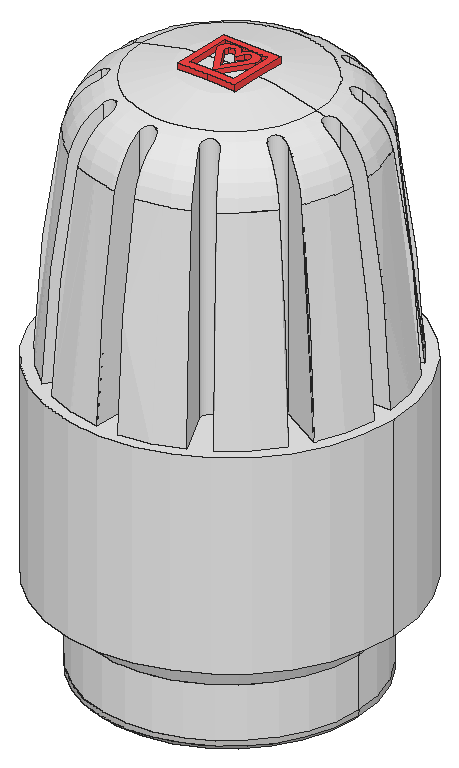
Revit family "Термостатическая головка ГЕРЦКУЛЕС в сверхпрочном исполнении,  с присоединительной резьбой М 28х1.5, 9860", category Rohrzubehör, Revit 2019
Family settings
  Bemaßung runder Anschluss = Durchmesser verwenden
  Teiletyp = Normal
  OmniClass-Nummer = 23.65.55.14
  OmniClass-Titel = Valves for Liquid Services
  Arbeitsebenenbasiert = Nein
  Immer vertikal = Nein
  Beim Laden mit Abzugskörper schneiden = Nein
  Gemeinsam genutzt = Nein
Parameters
  Принцип действия = "HERZ-термостатическая головка является датчиком прямого регулирования.\r\nИзменение объема жидкости в HERZ-гидросенсоре приводит в движение шток клапана."
  Область применения = "\"ГЕРЦКУЛЕС\" термостатическая головка предназначена для монтажа на всех HERZ-клапанах, предназначенных для термостатической работы."
  Номер заказа = 1986010  # constant formula
  Маховик = "Пластик, белый"  # constant formula
  Исполнение = "Термостатическая головка \"ГЕРЦКУЛЕС\" в сверхпрочном исполнении с защитой от вандализма, кражи и неумелого обращения. Монтаж, демонтаж и настройка необходимых значений возможны только с помощью специальных ключей. Положение настройки блокируется, заблокированная позиция настройки в рабочем состоянии скрыта от доступа.  С позицией морозозащиты."
  Диапазон регулирования = "8 - 26°C"  # constant formula
  URL = "www.herz-armaturen.ru"
  S02 = 60.000 mm  # constant formula
  S01 = 81.000 mm  # constant formula
  Hersteller = "HERZ Armaturen Ges.m.b.H."  # constant formula
Reference planes
  plane 1 "Mitte (Vorne/hinten)": y = 0
  plane 2: z = 0
  plane 3 "Mitte (Links/rechts)": x = 0
Forms (mm)
  Revolve 1, solid, material "Kunststoff weiß", detail levels fine
    sketch origin (0, 0, 0) x (1, 0, 0) y (0, 0, 1)
      loop
        line (-20.5, -3.5) -> (-14, -3.5) -> (-14, 0) -> (0, 0) -> (0, 81)
        arc (0, 81) -> (-6.982, 80.51) -> (-13.827, 79.05) r 50
        arc (-13.827, 79.05) -> (-18.34, 76.173) -> (-20.722, 71.381) r 10
        arc (-20.722, 71.381) -> (-23.123, 55.561) -> (-24.254, 39.6) r 200.5
        line (-24.254, 39.6) -> (-26, 39.6) -> (-26, 9) -> (-23.156, 9) -> (-20.5, 4.4) -> (-20.5, -3.5)
      axis (0, 81) -> (0, -3.5)
    angle from 0 to 360
  Revolve 2, solid, material "Messing verzinkt", detail levels fine
    sketch origin (0, 0, -5) x (1, 0, 0) y (0, 0, 1)
      loop
        line (-14, 0) -> (-14, 1.5) -> (-20.5, 1.5) -> (-20.5, 0.7) -> (-19.8, 0) -> (-14, 0)
      axis (0, 1.5) -> (0, 0)
    angle from 0 to 360
  Extrusion 3, void
    sketch origin (0, 0, 0) x (1, 0, 0) y (0, 1, 0)
      loop
        line (1.7, -24.289) -> (1.331, -16.288)
        arc (1.331, -16.288) -> (-0.021, -15) -> (-1.366, -16.294) r 1.35
        line (-1.366, -16.294) -> (-1.7, -24.292)
        arc (-1.7, -24.292) -> (0, -24.35) -> (1.7, -24.289) r 24.35
      loop
        arc (-13.65, -20.176) -> (-12.208, -21.079) -> (-10.707, -21.879) r 24.35
        line (-10.707, -21.879) -> (-6.996, -14.785)
        arc (-6.996, -14.785) -> (-7.515, -12.992) -> (-9.329, -13.431) r 1.35
        line (-9.329, -13.431) -> (-13.65, -20.176)
      loop
        line (-20.194, -13.632) -> (-13.449, -9.312)
        arc (-13.449, -9.312) -> (-13.009, -7.497) -> (-14.803, -6.979) r 1.35
        line (-14.803, -6.979) -> (-21.896, -10.689)
        arc (-21.896, -10.689) -> (-21.097, -12.19) -> (-20.194, -13.632) r 24.35
      loop
        arc (-24.307, 1.718) -> (-24.368, 0.018) -> (-24.309, -1.682) r 24.35
        line (-24.309, -1.682) -> (-16.311, -1.349)
        arc (-16.311, -1.349) -> (-15.018, -0.003) -> (-16.305, 1.349) r 1.35
        line (-16.305, 1.349) -> (-24.307, 1.718)
      loop
        arc (1.7, 24.289) -> (0, 24.35) -> (-1.7, 24.292) r 24.35
        line (-1.7, 24.292) -> (-1.366, 16.294)
        arc (-1.366, 16.294) -> (-0.021, 15) -> (1.331, 16.288) r 1.35
        line (1.331, 16.288) -> (1.7, 24.289)
      loop
        line (-13.65, 20.176) -> (-9.329, 13.431)
        arc (-9.329, 13.431) -> (-7.515, 12.992) -> (-6.996, 14.785) r 1.35
        line (-6.996, 14.785) -> (-10.707, 21.879)
        arc (-10.707, 21.879) -> (-12.208, 21.079) -> (-13.65, 20.176) r 24.35
      loop
        arc (-20.194, 13.632) -> (-21.097, 12.19) -> (-21.896, 10.689) r 24.35
        line (-21.896, 10.689) -> (-14.803, 6.979)
        arc (-14.803, 6.979) -> (-13.009, 7.497) -> (-13.449, 9.312) r 1.35
        line (-13.449, 9.312) -> (-20.194, 13.632)
      loop
        line (24.307, 1.718) -> (16.305, 1.349)
        arc (16.305, 1.349) -> (15.018, -0.003) -> (16.311, -1.349) r 1.35
        line (16.311, -1.349) -> (24.309, -1.682)
        arc (24.309, -1.682) -> (24.368, 0.018) -> (24.307, 1.718) r 24.35
      loop
        arc (13.65, 20.176) -> (12.208, 21.079) -> (10.707, 21.879) r 24.35
        line (10.707, 21.879) -> (6.996, 14.785)
        arc (6.996, 14.785) -> (7.515, 12.992) -> (9.329, 13.431) r 1.35
        line (9.329, 13.431) -> (13.65, 20.176)
      loop
        line (20.194, 13.632) -> (13.449, 9.312)
        arc (13.449, 9.312) -> (13.009, 7.497) -> (14.803, 6.979) r 1.35
        line (14.803, 6.979) -> (21.896, 10.689)
        arc (21.896, 10.689) -> (21.097, 12.19) -> (20.194, 13.632) r 24.35
      loop
        line (13.65, -20.176) -> (9.329, -13.431)
        arc (9.329, -13.431) -> (7.515, -12.992) -> (6.996, -14.785) r 1.35
        line (6.996, -14.785) -> (10.707, -21.879)
        arc (10.707, -21.879) -> (12.208, -21.079) -> (13.65, -20.176) r 24.35
      loop
        arc (20.194, -13.632) -> (21.097, -12.19) -> (21.896, -10.689) r 24.35
        line (21.896, -10.689) -> (14.803, -6.979)
        arc (14.803, -6.979) -> (13.009, -7.497) -> (13.449, -9.312) r 1.35
        line (13.449, -9.312) -> (20.194, -13.632)
    from 39.6 to 90
Cuts and joins
  Extrusion 3 cuts Revolve 1
Lines and regions (mm)
  model lines, detail levels coarse+medium
    curve 1: line (0, 0, 0) -> (0, 0, 21)
    curve 2: line (0, -0.017, 0) -> (0, 21, 0)
    curve 3: circle (0, 0, 51) r 30 normal (0, -1, 0)
    curve 4: circle (0, 0, 51) r 30 normal (1, 0, 0)
    curve 5: line (0, 0, 31) -> (0, 0, 71)
    curve 6: line (0, 17.5, 71) -> (0, -17.5, 71)
    curve 7: line (0, 0, 31) -> (0, 0, 71)
    curve 8: line (-17.5, 0, 71) -> (17.5, 0, 71)
    curve 9: circle (0, 51, 0) r 30 normal (0, 0, 1)
    curve 10: line (0, 31, 0) -> (0, 71, 0)
    curve 11: line (-17.5, 71, 0) -> (17.5, 71, 0)
Dimensions and locks
  nested 1 to plane 2 = 80.000 mm
  "S01": curve 4 to plane 2
  "S01": curve 3 to plane 2
  "S01": plane 1 "Mitte (Vorne/hinten)" to curve 9
  "S02": diameter of curve 3
  "S02": diameter of curve 4
  "S02": diameter of curve 9
  aligned and locked: level to plane 2
Automatic sketch dimensions
  Revolve 1 sketch curve to level = 0.000 mm
  Revolve 1 sketch curve to plane 3 "Mitte (Links/rechts)" = 0.000 mm  (x2)
  Revolve 1 sketch curve to plane 3 "Mitte (Links/rechts)" = 10.903 mm
  Revolve 1 sketch curve to plane 3 "Mitte (Links/rechts)" = 14.000 mm
  Revolve 1 sketch curve to Revolve 1 sketch curve = 6.500 mm
  level to Revolve 1 sketch curve = 9.000 mm
  Revolve 1 sketch curve to Revolve 1 sketch curve = 2.656 mm
  Revolve 1 sketch curve to plane 3 "Mitte (Links/rechts)" = 24.254 mm
  Revolve 1 sketch curve to Revolve 1 sketch curve = 1.746 mm
  level to Revolve 1 sketch curve = 33.411 mm
  plane 3 "Mitte (Links/rechts)" to Revolve 1 sketch curve = 176.150 mm
  Revolve 1 sketch curve to level = 3.500 mm
  level to Revolve 1 sketch curve = 4.400 mm
  level to Revolve 1 sketch curve = 31.000 mm
  Revolve 1 sketch curve to Revolve 1 sketch curve = 8.600 mm
  Revolve 1 sketch curve to Revolve 1 sketch curve = 29.887 mm
  Revolve 1 sketch curve to Revolve 1 sketch curve = 11.513 mm
  Revolve 1 sketch curve to Revolve 1 sketch curve = 2.925 mm
  level to Revolve 1 sketch curve = 5.000 mm
  Revolve 1 sketch curve to Revolve 1 sketch curve = 2133.315 mm
  Revolve 2 sketch curve to plane 3 "Mitte (Links/rechts)" = 0.000 mm
  Revolve 2 sketch curve to level = 5.000 mm
  Revolve 2 sketch curve to plane 3 "Mitte (Links/rechts)" = 14.000 mm
  Revolve 2 sketch curve to Revolve 2 sketch curve = 5.800 mm
  Revolve 2 sketch curve to Revolve 2 sketch curve = 0.700 mm  (x2)
  Revolve 2 sketch curve to Revolve 2 sketch curve = 1.500 mm
  Revolve 2 sketch curve to Revolve 2 sketch curve = 366.045 mm
  level to Revolve 2 sketch curve = 2209.315 mm
  Extrusion 3 sketch curve to Extrusion 3 sketch curve = 0.000 mm  (x62)
  plane 1 "Mitte (Vorne/hinten)" to Extrusion 3 sketch curve = 0.000 mm  (x4)
  plane 1 "Mitte (Vorne/hinten)" to Extrusion 3 sketch curve = 1.682 mm  (x2)
  Extrusion 3 sketch curve to plane 3 "Mitte (Links/rechts)" = 24.309 mm
  Extrusion 3 sketch curve to plane 1 "Mitte (Vorne/hinten)" = 1.718 mm  (x2)
  Extrusion 3 sketch curve to Extrusion 3 sketch curve = 0.002 mm
  plane 1 "Mitte (Vorne/hinten)" to Extrusion 3 sketch curve = 10.689 mm  (x2)
  Extrusion 3 sketch curve to Extrusion 3 sketch curve = 2.413 mm
  plane 1 "Mitte (Vorne/hinten)" to Extrusion 3 sketch curve = 13.632 mm
  Extrusion 3 sketch curve to Extrusion 3 sketch curve = 4.113 mm
  Extrusion 3 sketch curve to Extrusion 3 sketch curve = 7.942 mm
  plane 1 "Mitte (Vorne/hinten)" to Extrusion 3 sketch curve = 1.349 mm  (x2)
  Extrusion 3 sketch curve to Extrusion 3 sketch curve = 0.056 mm
  Extrusion 3 sketch curve to plane 1 "Mitte (Vorne/hinten)" = 1.349 mm  (x2)
  Extrusion 3 sketch curve to plane 1 "Mitte (Vorne/hinten)" = 6.979 mm  (x2)
  Extrusion 3 sketch curve to Extrusion 3 sketch curve = 1.503 mm  (x4)
  plane 1 "Mitte (Vorne/hinten)" to Extrusion 3 sketch curve = 6.979 mm  (x2)
  Extrusion 3 sketch curve to Extrusion 3 sketch curve = 1.509 mm
  Extrusion 3 sketch curve to Extrusion 3 sketch curve = 0.626 mm  (x6)
  Extrusion 3 sketch curve to Extrusion 3 sketch curve = 6.544 mm  (x2)
  Extrusion 3 sketch curve to plane 1 "Mitte (Vorne/hinten)" = 9.312 mm
  Extrusion 3 sketch curve to Extrusion 3 sketch curve = 0.728 mm  (x6)
  plane 1 "Mitte (Vorne/hinten)" to Extrusion 3 sketch curve = 9.312 mm
  Extrusion 3 sketch curve to Extrusion 3 sketch curve = 2.943 mm  (x4)
  Extrusion 3 sketch curve to Extrusion 3 sketch curve = 4.120 mm  (x6)
  Extrusion 3 sketch curve to Extrusion 3 sketch curve = 1.137 mm  (x4)
  Extrusion 3 sketch curve to Extrusion 3 sketch curve = 1.196 mm  (x5)
  Extrusion 3 sketch curve to plane 3 "Mitte (Links/rechts)" = 1.700 mm  (x2)
  Extrusion 3 sketch curve to plane 3 "Mitte (Links/rechts)" = 1.366 mm  (x2)
  Extrusion 3 sketch curve to plane 3 "Mitte (Links/rechts)" = 0.018 mm  (x2)
  plane 3 "Mitte (Links/rechts)" to Extrusion 3 sketch curve = 0.018 mm
  plane 3 "Mitte (Links/rechts)" to Extrusion 3 sketch curve = 1.331 mm  (x2)
  plane 3 "Mitte (Links/rechts)" to Extrusion 3 sketch curve = 1.700 mm  (x2)
  Extrusion 3 sketch curve to Extrusion 3 sketch curve = 5.665 mm  (x2)
  Extrusion 3 sketch curve to Extrusion 3 sketch curve = 3.710 mm  (x2)
  Extrusion 3 sketch curve to Extrusion 3 sketch curve = 0.006 mm  (x3)
  Extrusion 3 sketch curve to Extrusion 3 sketch curve = 6.745 mm  (x6)
  Extrusion 3 sketch curve to Extrusion 3 sketch curve = 1.702 mm  (x3)
  Extrusion 3 sketch curve to plane 1 "Mitte (Vorne/hinten)" = 10.689 mm  (x2)
  Extrusion 3 sketch curve to Extrusion 3 sketch curve = 8.002 mm  (x3)
  Extrusion 3 sketch curve to Extrusion 3 sketch curve = 7.181 mm
  Extrusion 3 sketch curve to Extrusion 3 sketch curve = 4.848 mm
  Extrusion 3 sketch curve to Extrusion 3 sketch curve = 2.333 mm
  Extrusion 3 sketch curve to Extrusion 3 sketch curve = 4.320 mm
  curve 5 to plane 1 "Mitte (Vorne/hinten)" = 0.000 mm
  curve 4 to plane 1 "Mitte (Vorne/hinten)" = 0.000 mm
  plane 1 "Mitte (Vorne/hinten)" to curve 6 = 17.500 mm
  curve 5 to curve 6 = 17.500 mm
  curve 5 to curve 4 = 20.000 mm
  curve 4 to curve 6 = 20.000 mm
  curve 3 to plane 3 "Mitte (Links/rechts)" = 0.000 mm
  curve 7 to plane 3 "Mitte (Links/rechts)" = 0.000 mm
  curve 1 to plane 3 "Mitte (Links/rechts)" = 0.000 mm
  curve 1 to level = 0.000 mm
  curve 8 to curve 7 = 17.500 mm
  plane 3 "Mitte (Links/rechts)" to curve 8 = 17.500 mm
  curve 1 to curve 7 = 10.000 mm
  curve 3 to curve 8 = 20.000 mm
  curve 9 to plane 3 "Mitte (Links/rechts)" = 0.000 mm
  curve 10 to plane 3 "Mitte (Links/rechts)" = 0.000 mm
  curve 2 to plane 3 "Mitte (Links/rechts)" = 0.000 mm
  curve 11 to curve 10 = 17.500 mm
  plane 3 "Mitte (Links/rechts)" to curve 11 = 17.500 mm
  plane 1 "Mitte (Vorne/hinten)" to curve 2 = 0.017 mm
  curve 2 to curve 10 = 10.000 mm
  curve 9 to curve 11 = 20.000 mm
Nested families
  nested 1: "Herz-Logo" at (0, 0, 80), type "Herz-Logo", detail levels fine
Definition of nested family "Herz-Logo"
  Reference planes
    plane 1 "Mitte (Vorne/hinten)": y = 0
    plane 2: z = 0
    plane 3 "Mitte (Links/rechts)": x = 0
  Forms (mm)
    Extrusion 1, solid
      sketch origin (0, 0, 0) x (1, 0, 0) y (0, 1, 0)
        loop
          line (-0.018, -4.517) -> (4.482, -4.517) -> (4.482, 4.483) -> (-4.518, 4.483) -> (-4.518, -4.517) -> (-0.018, -4.517)
        loop
          line (-0.05, -3.48) -> (3.482, -3.48) -> (3.482, 3.483) -> (-3.518, 3.483) -> (-3.518, -3.48) -> (-0.05, -3.48)
        loop
          arc (-0.018, 2.383) -> (-1.543, 3.287) -> (-3.067, 2.383) r 1.738
          arc (-3.067, 2.383) -> (-3.191, 1.899) -> (-3.067, 1.415) r 1.009
          line (-3.067, 1.415) -> (-0.018, -3.281) -> (3.032, 1.415)
          arc (3.032, 1.415) -> (3.156, 1.899) -> (3.032, 2.383) r 1.009
          arc (3.032, 2.383) -> (1.507, 3.287) -> (-0.018, 2.383) r 1.738
        loop
          arc (1.885, 1.272) -> (2.005, 1.675) -> (1.885, 2.079) r 0.74
          arc (1.885, 2.079) -> (1.265, 2.416) -> (0.644, 2.079) r 0.74
          line (0.644, 2.079) -> (-0.018, 0.97) -> (-0.679, 2.079)
          arc (-0.679, 2.079) -> (-1.3, 2.416) -> (-1.921, 2.079) r 0.74
          arc (-1.921, 2.079) -> (-2.04, 1.675) -> (-1.921, 1.272) r 0.74
          line (-1.921, 1.272) -> (-0.018, -1.658) -> (1.885, 1.272)
      from 0 to 1.5
  Dimensions and locks
    aligned and locked: level to plane 2
